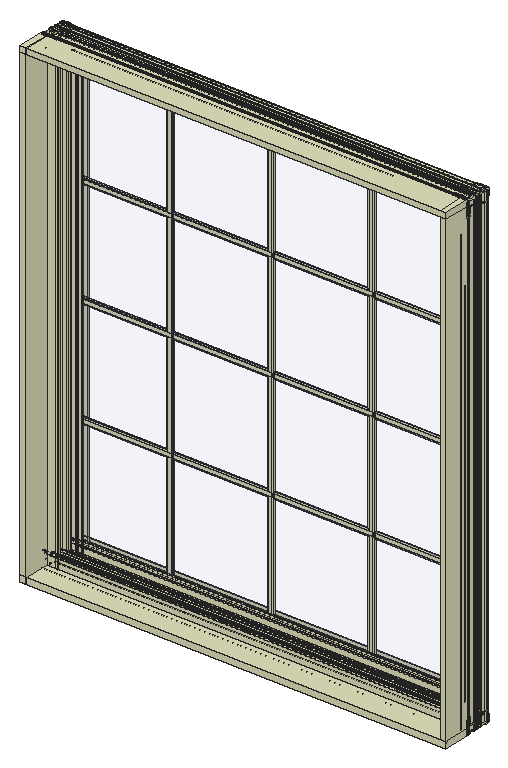
Revit family
Parameters
  Vertical Mullion 5 [instance] = and(Traditional Grille, not(Width > 5' 11 1/2"), and(Width > 5' 11 3/8"))  # no
  Vertical Mullion 4 [instance] = and(Traditional Grille, not(Width > 6' 6 3/8"), and(Width > 6' 6 3/8"))  # no
  Vertical Mullion 3 [instance] = and(Traditional Grille, not(Width > 5' 11 3/8"), and(Width > 1' 11 3/8"))  # yes
  Unit Width = 3' - 11 1/2"
  Unit Height = 4' - 5 1/2"
  URL = "www.pella.com"
  Traditional Grille [instance] = yes
  Size Constraints = "Window Sizing constraints available in 1/4 inch (6.35 mm) increments"  # constant formula
  Set Back = 0' - 1 5/16"
  Series = "Impervia Series"  # constant formula
  Sections = ""
  Sash Width = Width - 0' 2 1/2"  # 3' - 9"
  Rough Width = Width + 0' 0 1/2"  # 4' - 0"
  Rough Height = Height + 0' 0 1/2"  # 4' - 6"
  Revisions Date = "07/29/2009"  # constant formula
  Prairie Grille [instance] = no
  OmniClass 23 = "23-30 00 00,23-30 20 00,23-30 20 14 17,23-30 20 17,23-30 20 17 11"  # constant formula
  MasterFormat 2004 = "08 00 00,08 50 00,08 52 00,08 53 13"  # constant formula
  Manufacturer = "Pella Windows & Doors"  # constant formula
  LEED = ""
  Interior Finish = Pella-Exterior Clad-Tan
  Horizontal Mullion 4 [instance] = and(Traditional Grille, not(Height > 4' 11 1/2"), and(Height > 4' 11 3/8"))  # no
  Horizontal Mullion 3 [instance] = and(Traditional Grille, not(Height > 4' 11 3/8"), and(Height > 3' 11 3/8"))  # yes
  Horizontal Mullion 2 [instance] = and(Traditional Grille, not(Height > 3' 11 3/8"), and(Height > 2' 11 3/8"))  # no
  Horizontal Mullion 1 [instance] = and(Traditional Grille, not(Height > 2' 11 3/8"), and(Height > 1' 5 3/8"))  # no
  Height = if(or(and(Unit Height < 4' 11 1/2", Unit Height > 1' 1 1/2"), or(Unit Height = 4' 11 1/2", Unit Height = 1' 1 1/2")), Unit Height, if(Unit Height < 1' 1 1/2", 1' 1 1/2", 4' 11 1/2"))  # 4' - 5 1/2"
  Head Height = Default Sill Height + Height  # 7' - 1"
  Grille Finish = Pella-Exterior Clad-Tan
  Glazing Type = Pella-Argon Filled, Low-E Insulating Glass
  Glazing = 0' - 0.71394"  # constant formula
  Exterior Finish = Pella-Exterior Clad-Tan
  Description = "Sliding Window - Fixed Unit"  # constant formula
  Default Sill Height = 2' - 7 1/2"
  Wall Closure = (empty or 0)
  Width = if(or(and(Unit Width < 5' 11 1/2", Unit Width > 1' 11 1/2"), or(Unit Width = 5' 11 1/2", Unit Width = 1' 11 1/2")), Unit Width, if(Unit Width < 1' 11 1/2", 1' 11 1/2", 5' 11 1/2"))  # 3' - 11 1/2"
  Assembly Code = "B2020100"
  Architectural Design Manual = "www.pellaadm.com"
  Architectural Data Sheet = "To be determined"
Reference planes (in)
  plane 1: y = 0
  plane 2 "Center (Left/Right)": x = 0
  plane 3 "Left": x = -23.75
  plane 4 "Right": x = 23.75
  plane 5 "Sill": z = 31.5
  plane 6 "Head": z = 85
  plane 7 "Exterior": y = 2.95276
  plane 8 "Interior": y = -2.95276
  plane 9 "Exterior Facade": y = 4.26526
  plane 10 "Set Back": y = 2.95276
  plane 11 "Left Sash": x = -22.5
  plane 12 "Right Sash": x = 22.5
  plane 13 "Interior Left": x = -21.0132
  plane 14 "Interior Right": x = 21.0132
  plane 15 "Head (Interior)": z = 83.75
  plane 16 "Sill (Interior)": z = 32.75
  plane 17 "Head-Interior": z = 82.2632
  plane 18 "Sill-Interior": z = 34.2368
  plane 19: z = 58.25
  plane 20 "Glazing Exterior - Exterior": y = 2.7192
  plane 21 "Glazing Exterior - Interior": y = 2.60109
  plane 22 "Glazing Interior - Exterior": y = 2.00526
  plane 23 "Glazing Interior - Interior": y = 2.12337
  plane 24 "2nd Glazing Head": z = 81.96131
  plane 25 "2nd Glazing Sill": z = 34.53869
  plane 26: x = 20.71131
  plane 27: x = -20.71131
  plane 28: x = 22.28129
  plane 29: x = 22.33637
  plane 30: x = 22.36729
  plane 31: x = 21.63029
  plane 32: x = 21.35029
  plane 33: x = 21.28029
  plane 34: x = -22.28129
  plane 35: x = -22.33637
  plane 36: x = -22.36729
  plane 37: x = -21.63029
  plane 38: x = -21.35029
  plane 39: x = -21.28029
  plane 40: x = -20.71766
  plane 41: x = 20.71766
  plane 42: x = 23.125
  plane 43: y = -0.04722
  plane 44: x = -23.125
  plane 45: y = -0.04722
  plane 46: z = 32.125
  plane 47: y = -0.04722
  plane 48: y = -0.04722
  plane 49: z = 84.375
  plane 50: z = 34.04845
  plane 51: z = 82.45155
  plane 52: x = -21.20155
  plane 53: x = 21.20155
  plane 54: x = -21.20155
  plane 55: x = 21.20155
  plane 56: z = 34.04845
  plane 57: z = 82.45155
  plane 58: z = 82.53029
  plane 59: z = 33.96971
  plane 60: x = -21.28029
  plane 61: x = 21.28029
  plane 62: x = -7.09343
  plane 63: x = 7.09343
  plane 64: x = -11.25
  plane 65: x = 0
  plane 66: x = 11.25
  plane 67: x = -10.875
  plane 68: x = -11.625
  plane 69: x = 11.625
  plane 70: x = 10.875
  plane 71: x = 0.375
  plane 72: x = -0.375
  plane 73: x = -13.5
  plane 74: x = -4.5
  plane 75: x = 4.5
  plane 76: x = 13.5
  plane 77: x = -13.125
  plane 78: x = -13.875
  plane 79: x = -4.125
  plane 80: x = -4.875
  plane 81: x = 4.875
  plane 82: x = 4.125
  plane 83: x = 13.875
  plane 84: x = 13.125
  plane 85: x = -15
  plane 86: x = -7.5
  plane 87: x = 0
  plane 88: x = 7.5
  plane 89: x = 15
  plane 90: x = -14.625
  plane 91: x = -15.375
  plane 92: x = -7.125
  plane 93: x = -7.875
  plane 94: x = 0.375
  plane 95: x = -0.375
  plane 96: x = 7.875
  plane 97: x = 7.125
  plane 98: x = 15.375
  plane 99: x = 14.625
  plane 100: z = 57.875
  plane 101: z = 58.625
  plane 102: z = 50.2456
  plane 103: z = 66.2544
  plane 104: z = 65.8794
  plane 105: z = 66.6294
  plane 106: z = 49.8706
  plane 107: z = 50.6206
  plane 108: z = 46.2434
  plane 109: z = 58.25
  plane 110: z = 70.2566
  plane 111: z = 57.875
  plane 112: z = 58.625
  plane 113: z = 69.8816
  plane 114: z = 70.6316
  plane 115: z = 45.8684
  plane 116: z = 46.6184
  plane 117: z = 43.84208
  plane 118: z = 53.44736
  plane 119: z = 63.05264
  plane 120: z = 72.65792
  plane 121: z = 72.28292
  plane 122: z = 73.03292
  plane 123: z = 62.67764
  plane 124: z = 63.42764
  plane 125: z = 53.07236
  plane 126: z = 53.82236
  plane 127: z = 43.46708
  plane 128: z = 44.21708
  plane 129: x = -17.70571
  plane 130: x = -18.45571
  plane 131: x = 18.45571
  plane 132: x = 17.70571
  plane 133: z = 79.03804
  plane 134: z = 79.78804
  plane 135: z = 37.46196
  plane 136: z = 36.71196
Forms (in)
  Sweep 1, solid, material "Pella-Exterior Clad-Tan" <- "Exterior Finish"
    path origin (0, 2.95276, 0) x (1, 0, 0) y (0, 0, 1)
      loop
        line (-23.75, 31.5) -> (-23.75, 85)
    profile origin (-23.75, 2.95276, 58.25) x (-1, 0, 0) y (0, -1, 0)
      loop
        line (-0.22, 1.91998) -> (-0.22, 2.54998)
        arc (-0.22, 2.54998) -> (-0.18339, 2.63837) -> (-0.095, 2.67498) r 0.125
        arc (-0.095, 2.67498) -> (-0.06318, 2.68816) -> (-0.05, 2.71998) r 0.045
        line (-0.05, 2.71998) -> (-0.05, 2.90498)
        arc (-0.05, 2.90498) -> (-0.06318, 2.9368) -> (-0.095, 2.94998) r 0.045
        line (-0.095, 2.94998) -> (-1.688, 2.94998)
        arc (-1.688, 2.94998) -> (-1.71982, 2.9368) -> (-1.733, 2.90498) r 0.045
        line (-1.733, 2.90498) -> (-1.733, 2.82998)
        arc (-1.733, 2.82998) -> (-1.71982, 2.79816) -> (-1.688, 2.78498) r 0.045
        line (-1.688, 2.78498) -> (-1.52789, 2.78498)
        arc (-1.52789, 2.78498) -> (-1.47948, 2.76554) -> (-1.45796, 2.71802) r 0.07
        arc (-1.45796, 2.71802) -> (-1.44412, 2.68748) -> (-1.413, 2.67498) r 0.045
        line (-1.413, 2.67498) -> (-0.938, 2.67498)
        arc (-0.938, 2.67498) -> (-0.89016, 2.66547) -> (-0.84961, 2.63837) r 0.125
        arc (-0.84961, 2.63837) -> (-0.82252, 2.59782) -> (-0.813, 2.54998) r 0.125
        line (-0.813, 2.54998) -> (-0.813, 1.91998)
        arc (-0.813, 1.91998) -> (-0.79982, 1.88816) -> (-0.768, 1.87498) r 0.045
        line (-0.768, 1.87498) -> (-0.265, 1.87498)
        arc (-0.265, 1.87498) -> (-0.23318, 1.88816) -> (-0.22, 1.91998) r 0.045
      loop
        arc (-0.84961, 1.50359) -> (-0.89016, 1.4765) -> (-0.938, 1.46698) r 0.125
        line (-0.938, 1.46698) -> (-1.688, 1.46698)
        arc (-1.688, 1.46698) -> (-1.71982, 1.4538) -> (-1.733, 1.42198) r 0.045
        line (-1.733, 1.42198) -> (-1.733, 1.23198)
        arc (-1.733, 1.23198) -> (-1.71982, 1.20016) -> (-1.688, 1.18698) r 0.045
        line (-1.688, 1.18698) -> (-1.305, 1.18698)
        arc (-1.305, 1.18698) -> (-1.20318, 1.1448) -> (-1.161, 1.04298) r 0.144
        line (-1.161, 1.04298) -> (-1.161, 0.70298)
        arc (-1.161, 0.70298) -> (-1.19758, 0.62488) -> (-1.281, 0.60298) r 0.10167
        arc (-1.281, 0.60298) -> (-1.29514, 0.59712) -> (-1.301, 0.58298) r 0.02
        line (-1.301, 0.58298) -> (-1.301, 0.24498)
        arc (-1.301, 0.24498) -> (-1.2805, 0.19548) -> (-1.231, 0.17498) r 0.07
        line (-1.231, 0.17498) -> (-0.94153, 0.17498)
        arc (-0.94153, 0.17498) -> (-0.87464, 0.14847) -> (-0.84408, 0.08333) r 0.09764
        arc (-0.84408, 0.08333) -> (-0.828, 0.05928) -> (-0.80061, 0.04998) r 0.045
        line (-0.80061, 0.04998) -> (-0.095, 0.04998)
        arc (-0.095, 0.04998) -> (-0.06318, 0.06316) -> (-0.05, 0.09498) r 0.045
        line (-0.05, 0.09498) -> (-0.05, 0.27998)
        arc (-0.05, 0.27998) -> (-0.06318, 0.3118) -> (-0.095, 0.32498) r 0.045
        arc (-0.095, 0.32498) -> (-0.18339, 0.36159) -> (-0.22, 0.44998) r 0.125
        line (-0.22, 0.44998) -> (-0.22, 1.75998)
        arc (-0.22, 1.75998) -> (-0.23318, 1.7918) -> (-0.265, 1.80498) r 0.045
        line (-0.265, 1.80498) -> (-0.768, 1.80498)
        arc (-0.768, 1.80498) -> (-0.79982, 1.7918) -> (-0.813, 1.75998) r 0.045
        line (-0.813, 1.75998) -> (-0.813, 1.59198)
        arc (-0.813, 1.59198) -> (-0.82252, 1.54414) -> (-0.84961, 1.50359) r 0.125
      loop
        arc (-1.008, 1.54377) -> (-1.018, 1.56109) -> (-1.038, 1.56109) r 0.02
        line (-1.038, 1.56109) -> (-1.09816, 1.52636)
        arc (-1.09816, 1.52636) -> (-1.11505, 1.51937) -> (-1.13316, 1.51698) r 0.07
        line (-1.13316, 1.51698) -> (-1.688, 1.51698)
        arc (-1.688, 1.51698) -> (-1.75518, 1.48916) -> (-1.783, 1.42198) r 0.095
        line (-1.783, 1.42198) -> (-1.783, 1.13596)
        arc (-1.783, 1.13596) -> (-1.75497, 1.10845) -> (-1.72798, 1.13698) r 0.02752
        line (-1.72798, 1.13698) -> (-1.305, 1.13698)
        arc (-1.305, 1.13698) -> (-1.23853, 1.10945) -> (-1.211, 1.04298) r 0.094
        line (-1.211, 1.04298) -> (-1.211, 0.70298)
        arc (-1.211, 0.70298) -> (-1.23313, 0.65997) -> (-1.281, 0.65298) r 0.05286
        arc (-1.281, 0.65298) -> (-1.3305, 0.63248) -> (-1.351, 0.58298) r 0.07
        line (-1.351, 0.58298) -> (-1.351, 0.24498)
        arc (-1.351, 0.24498) -> (-1.31585, 0.16013) -> (-1.231, 0.12498) r 0.12
        line (-1.231, 0.12498) -> (-0.96185, 0.12498)
        arc (-0.96185, 0.12498) -> (-0.90983, 0.10349) -> (-0.88741, 0.05186) r 0.07499
        arc (-0.88741, 0.05186) -> (-0.86241, 0.01445) -> (-0.81979, -0.00002) r 0.07
        line (-0.81979, -0.00002) -> (-0.095, -0.00002)
        arc (-0.095, -0.00002) -> (-0.02782, 0.02781) -> (0, 0.09498) r 0.095
        line (0, 0.09498) -> (0, 0.27998)
        arc (0, 0.27998) -> (-0.02782, 0.34716) -> (-0.095, 0.37498) r 0.095
        arc (-0.095, 0.37498) -> (-0.13389, 0.39109) -> (-0.15, 0.42998) r 0.055
        line (-0.15, 0.42998) -> (-0.15, 0.8212)
        arc (-0.15, 0.8212) -> (-0.14048, 0.86904) -> (-0.11339, 0.90959) r 0.125
        line (-0.11339, 0.90959) -> (-0.03318, 0.9898)
        arc (-0.03318, 0.9898) -> (-0.02343, 1.0044) -> (-0.02, 1.02162) r 0.045
        line (-0.02, 1.02162) -> (-0.02, 1.08198)
        arc (-0.02, 1.08198) -> (-0.02892, 1.10247) -> (-0.05, 1.10991) r 0.028
        arc (-0.05, 1.10991) -> (-0.07108, 1.10247) -> (-0.08, 1.08198) r 0.028
        line (-0.08, 1.08198) -> (-0.08, 1.03498) -> (-0.13, 1.03498)
        arc (-0.13, 1.03498) -> (-0.14414, 1.04084) -> (-0.15, 1.05498) r 0.02
        line (-0.15, 1.05498) -> (-0.15, 1.51498)
        arc (-0.15, 1.51498) -> (-0.14414, 1.52912) -> (-0.13, 1.53498) r 0.02
        line (-0.13, 1.53498) -> (-0.08, 1.53498) -> (-0.08, 1.48798)
        arc (-0.08, 1.48798) -> (-0.07108, 1.46749) -> (-0.05, 1.46005) r 0.028
        arc (-0.05, 1.46005) -> (-0.02892, 1.46749) -> (-0.02, 1.48798) r 0.028
        line (-0.02, 1.48798) -> (-0.02, 1.54834)
        arc (-0.02, 1.54834) -> (-0.02343, 1.56556) -> (-0.03318, 1.58016) r 0.045
        line (-0.03318, 1.58016) -> (-0.1235, 1.67048)
        arc (-0.1235, 1.67048) -> (-0.13862, 1.68879) -> (-0.15, 1.70962) r 0.125
        arc (-0.15, 1.70962) -> (-0.13818, 1.74002) -> (-0.10892, 1.75445) r 0.045
        line (-0.10892, 1.75445) -> (-0.04108, 1.76039)
        arc (-0.04108, 1.76039) -> (-0.01182, 1.77481) -> (0, 1.80522) r 0.045
        line (0, 1.80522) -> (0, 1.87275)
        arc (0, 1.87275) -> (-0.01182, 1.90315) -> (-0.04108, 1.91757) r 0.045
        line (-0.04108, 1.91757) -> (-0.10892, 1.92351)
        arc (-0.10892, 1.92351) -> (-0.13818, 1.93794) -> (-0.15, 1.96834) r 0.045
        line (-0.15, 1.96834) -> (-0.15, 2.56998)
        arc (-0.15, 2.56998) -> (-0.13389, 2.60887) -> (-0.095, 2.62498) r 0.055
        arc (-0.095, 2.62498) -> (-0.02782, 2.65281) -> (0, 2.71998) r 0.095
        line (0, 2.71998) -> (0, 2.90498)
        arc (0, 2.90498) -> (-0.02782, 2.97216) -> (-0.095, 2.99998) r 0.095
        line (-0.095, 2.99998) -> (-1.688, 2.99998)
        arc (-1.688, 2.99998) -> (-1.75518, 2.97216) -> (-1.783, 2.90498) r 0.095
        line (-1.783, 2.90498) -> (-1.783, 2.69498)
        arc (-1.783, 2.69498) -> (-1.75702, 2.63992) -> (-1.698, 2.62498) r 0.07132
        arc (-1.698, 2.62498) -> (-1.67592, 2.63467) -> (-1.6681, 2.65748) r 0.03
        arc (-1.6681, 2.65748) -> (-1.67592, 2.68029) -> (-1.698, 2.68998) r 0.03
        arc (-1.698, 2.68998) -> (-1.7205, 2.71248) -> (-1.698, 2.73498) r 0.0225
        line (-1.698, 2.73498) -> (-1.528, 2.73498)
        arc (-1.528, 2.73498) -> (-1.5055, 2.71248) -> (-1.528, 2.68998) r 0.0225
        arc (-1.528, 2.68998) -> (-1.55008, 2.68029) -> (-1.5579, 2.65748) r 0.03
        arc (-1.5579, 2.65748) -> (-1.55008, 2.63467) -> (-1.528, 2.62498) r 0.03
        line (-1.528, 2.62498) -> (-1.13316, 2.62498)
        arc (-1.13316, 2.62498) -> (-1.11505, 2.6226) -> (-1.09816, 2.6156) r 0.07
        line (-1.09816, 2.6156) -> (-1.038, 2.58087)
        arc (-1.038, 2.58087) -> (-1.018, 2.58087) -> (-1.008, 2.59819) r 0.02
        arc (-1.008, 2.59819) -> (-1.0045, 2.61644) -> (-0.988, 2.62498) r 0.02128
        line (-0.988, 2.62498) -> (-0.95454, 2.62498)
        arc (-0.95454, 2.62498) -> (-0.90349, 2.59864) -> (-0.883, 2.54498) r 0.0805
        line (-0.883, 2.54498) -> (-0.883, 1.59698)
        arc (-0.883, 1.59698) -> (-0.90349, 1.54332) -> (-0.95454, 1.51698) r 0.0805
        line (-0.95454, 1.51698) -> (-0.988, 1.51698)
        arc (-0.988, 1.51698) -> (-1.0045, 1.52552) -> (-1.008, 1.54377) r 0.02128
  Sweep 2, solid, material "Pella-Exterior Clad-Tan" <- "Exterior Finish"
    path origin (0, 2.95276, 0) x (1, 0, 0) y (0, 0, 1)
      loop
        line (23.75, 31.5) -> (23.75, 85)
    profile origin (23.75, 2.95276, 58.25) x (-1, 0, 0) y (0, -1, 0)
      loop
        arc (0.22, 1.91998) -> (0.23318, 1.88816) -> (0.265, 1.87498) r 0.045
        line (0.265, 1.87498) -> (0.768, 1.87498)
        arc (0.768, 1.87498) -> (0.79982, 1.88816) -> (0.813, 1.91998) r 0.045
        line (0.813, 1.91998) -> (0.813, 2.54998)
        arc (0.813, 2.54998) -> (0.82252, 2.59782) -> (0.84961, 2.63837) r 0.125
        arc (0.84961, 2.63837) -> (0.89016, 2.66547) -> (0.938, 2.67498) r 0.125
        line (0.938, 2.67498) -> (1.413, 2.67498)
        arc (1.413, 2.67498) -> (1.44412, 2.68748) -> (1.45796, 2.71802) r 0.045
        arc (1.45796, 2.71802) -> (1.47948, 2.76554) -> (1.52789, 2.78498) r 0.07
        line (1.52789, 2.78498) -> (1.688, 2.78498)
        arc (1.688, 2.78498) -> (1.71982, 2.79816) -> (1.733, 2.82998) r 0.045
        line (1.733, 2.82998) -> (1.733, 2.90498)
        arc (1.733, 2.90498) -> (1.71982, 2.9368) -> (1.688, 2.94998) r 0.045
        line (1.688, 2.94998) -> (0.095, 2.94998)
        arc (0.095, 2.94998) -> (0.06318, 2.9368) -> (0.05, 2.90498) r 0.045
        line (0.05, 2.90498) -> (0.05, 2.71998)
        arc (0.05, 2.71998) -> (0.06318, 2.68816) -> (0.095, 2.67498) r 0.045
        arc (0.095, 2.67498) -> (0.18339, 2.63837) -> (0.22, 2.54998) r 0.125
        line (0.22, 2.54998) -> (0.22, 1.91998)
      loop
        arc (0.84961, 1.50359) -> (0.82252, 1.54414) -> (0.813, 1.59198) r 0.125
        line (0.813, 1.59198) -> (0.813, 1.75998)
        arc (0.813, 1.75998) -> (0.79982, 1.7918) -> (0.768, 1.80498) r 0.045
        line (0.768, 1.80498) -> (0.265, 1.80498)
        arc (0.265, 1.80498) -> (0.23318, 1.7918) -> (0.22, 1.75998) r 0.045
        line (0.22, 1.75998) -> (0.22, 0.44998)
        arc (0.22, 0.44998) -> (0.18339, 0.36159) -> (0.095, 0.32498) r 0.125
        arc (0.095, 0.32498) -> (0.06318, 0.3118) -> (0.05, 0.27998) r 0.045
        line (0.05, 0.27998) -> (0.05, 0.09498)
        arc (0.05, 0.09498) -> (0.06318, 0.06316) -> (0.095, 0.04998) r 0.045
        line (0.095, 0.04998) -> (0.80061, 0.04998)
        arc (0.80061, 0.04998) -> (0.828, 0.05928) -> (0.84408, 0.08333) r 0.045
        arc (0.84408, 0.08333) -> (0.87464, 0.14847) -> (0.94153, 0.17498) r 0.09764
        line (0.94153, 0.17498) -> (1.231, 0.17498)
        arc (1.231, 0.17498) -> (1.2805, 0.19548) -> (1.301, 0.24498) r 0.07
        line (1.301, 0.24498) -> (1.301, 0.58298)
        arc (1.301, 0.58298) -> (1.29514, 0.59712) -> (1.281, 0.60298) r 0.02
        arc (1.281, 0.60298) -> (1.19758, 0.62488) -> (1.161, 0.70298) r 0.10167
        line (1.161, 0.70298) -> (1.161, 1.04298)
        arc (1.161, 1.04298) -> (1.20318, 1.1448) -> (1.305, 1.18698) r 0.144
        line (1.305, 1.18698) -> (1.688, 1.18698)
        arc (1.688, 1.18698) -> (1.71982, 1.20016) -> (1.733, 1.23198) r 0.045
        line (1.733, 1.23198) -> (1.733, 1.42198)
        arc (1.733, 1.42198) -> (1.71982, 1.4538) -> (1.688, 1.46698) r 0.045
        line (1.688, 1.46698) -> (0.938, 1.46698)
        arc (0.938, 1.46698) -> (0.89016, 1.4765) -> (0.84961, 1.50359) r 0.125
      loop
        arc (1.008, 1.54377) -> (1.0045, 1.52552) -> (0.988, 1.51698) r 0.02128
        line (0.988, 1.51698) -> (0.95454, 1.51698)
        arc (0.95454, 1.51698) -> (0.90349, 1.54332) -> (0.883, 1.59698) r 0.0805
        line (0.883, 1.59698) -> (0.883, 2.54498)
        arc (0.883, 2.54498) -> (0.90349, 2.59864) -> (0.95454, 2.62498) r 0.0805
        line (0.95454, 2.62498) -> (0.988, 2.62498)
        arc (0.988, 2.62498) -> (1.0045, 2.61644) -> (1.008, 2.59819) r 0.02128
        arc (1.008, 2.59819) -> (1.018, 2.58087) -> (1.038, 2.58087) r 0.02
        line (1.038, 2.58087) -> (1.09816, 2.6156)
        arc (1.09816, 2.6156) -> (1.11505, 2.6226) -> (1.13316, 2.62498) r 0.07
        line (1.13316, 2.62498) -> (1.528, 2.62498)
        arc (1.528, 2.62498) -> (1.55008, 2.63467) -> (1.5579, 2.65748) r 0.03
        arc (1.5579, 2.65748) -> (1.55008, 2.68029) -> (1.528, 2.68998) r 0.03
        arc (1.528, 2.68998) -> (1.5055, 2.71248) -> (1.528, 2.73498) r 0.0225
        line (1.528, 2.73498) -> (1.698, 2.73498)
        arc (1.698, 2.73498) -> (1.7205, 2.71248) -> (1.698, 2.68998) r 0.0225
        arc (1.698, 2.68998) -> (1.67592, 2.68029) -> (1.6681, 2.65748) r 0.03
        arc (1.6681, 2.65748) -> (1.67592, 2.63467) -> (1.698, 2.62498) r 0.03
        arc (1.698, 2.62498) -> (1.75702, 2.63992) -> (1.783, 2.69498) r 0.07132
        line (1.783, 2.69498) -> (1.783, 2.90498)
        arc (1.783, 2.90498) -> (1.75518, 2.97216) -> (1.688, 2.99998) r 0.095
        line (1.688, 2.99998) -> (0.095, 2.99998)
        arc (0.095, 2.99998) -> (0.02782, 2.97216) -> (0, 2.90498) r 0.095
        line (0, 2.90498) -> (0, 2.71998)
        arc (0, 2.71998) -> (0.02782, 2.65281) -> (0.095, 2.62498) r 0.095
        arc (0.095, 2.62498) -> (0.13389, 2.60887) -> (0.15, 2.56998) r 0.055
        line (0.15, 2.56998) -> (0.15, 1.96834)
        arc (0.15, 1.96834) -> (0.13818, 1.93794) -> (0.10892, 1.92351) r 0.045
        line (0.10892, 1.92351) -> (0.04108, 1.91757)
        arc (0.04108, 1.91757) -> (0.01182, 1.90315) -> (0, 1.87275) r 0.045
        line (0, 1.87275) -> (0, 1.80522)
        arc (0, 1.80522) -> (0.01182, 1.77481) -> (0.04108, 1.76039) r 0.045
        line (0.04108, 1.76039) -> (0.10892, 1.75445)
        arc (0.10892, 1.75445) -> (0.13818, 1.74002) -> (0.15, 1.70962) r 0.045
        arc (0.15, 1.70962) -> (0.13862, 1.68879) -> (0.1235, 1.67048) r 0.125
        line (0.1235, 1.67048) -> (0.03318, 1.58016)
        arc (0.03318, 1.58016) -> (0.02343, 1.56556) -> (0.02, 1.54834) r 0.045
        line (0.02, 1.54834) -> (0.02, 1.48798)
        arc (0.02, 1.48798) -> (0.02892, 1.46749) -> (0.05, 1.46005) r 0.028
        arc (0.05, 1.46005) -> (0.07108, 1.46749) -> (0.08, 1.48798) r 0.028
        line (0.08, 1.48798) -> (0.08, 1.53498) -> (0.13, 1.53498)
        arc (0.13, 1.53498) -> (0.14414, 1.52912) -> (0.15, 1.51498) r 0.02
        line (0.15, 1.51498) -> (0.15, 1.05498)
        arc (0.15, 1.05498) -> (0.14414, 1.04084) -> (0.13, 1.03498) r 0.02
        line (0.13, 1.03498) -> (0.08, 1.03498) -> (0.08, 1.08198)
        arc (0.08, 1.08198) -> (0.07108, 1.10247) -> (0.05, 1.10991) r 0.028
        arc (0.05, 1.10991) -> (0.02892, 1.10247) -> (0.02, 1.08198) r 0.028
        line (0.02, 1.08198) -> (0.02, 1.02162)
        arc (0.02, 1.02162) -> (0.02343, 1.0044) -> (0.03318, 0.9898) r 0.045
        line (0.03318, 0.9898) -> (0.11339, 0.90959)
        arc (0.11339, 0.90959) -> (0.14048, 0.86904) -> (0.15, 0.8212) r 0.125
        line (0.15, 0.8212) -> (0.15, 0.42998)
        arc (0.15, 0.42998) -> (0.13389, 0.39109) -> (0.095, 0.37498) r 0.055
        arc (0.095, 0.37498) -> (0.02782, 0.34716) -> (0, 0.27998) r 0.095
        line (0, 0.27998) -> (0, 0.09498)
        arc (0, 0.09498) -> (0.02782, 0.02781) -> (0.095, -0.00002) r 0.095
        line (0.095, -0.00002) -> (0.81979, -0.00002)
        arc (0.81979, -0.00002) -> (0.86241, 0.01445) -> (0.88741, 0.05186) r 0.07
        arc (0.88741, 0.05186) -> (0.90983, 0.10349) -> (0.96185, 0.12498) r 0.07499
        line (0.96185, 0.12498) -> (1.231, 0.12498)
        arc (1.231, 0.12498) -> (1.31585, 0.16013) -> (1.351, 0.24498) r 0.12
        line (1.351, 0.24498) -> (1.351, 0.58298)
        arc (1.351, 0.58298) -> (1.3305, 0.63248) -> (1.281, 0.65298) r 0.07
        arc (1.281, 0.65298) -> (1.23313, 0.65997) -> (1.211, 0.70298) r 0.05286
        line (1.211, 0.70298) -> (1.211, 1.04298)
        arc (1.211, 1.04298) -> (1.23853, 1.10945) -> (1.305, 1.13698) r 0.094
        line (1.305, 1.13698) -> (1.72798, 1.13698)
        arc (1.72798, 1.13698) -> (1.75497, 1.10845) -> (1.783, 1.13596) r 0.02752
        line (1.783, 1.13596) -> (1.783, 1.42198)
        arc (1.783, 1.42198) -> (1.75518, 1.48916) -> (1.688, 1.51698) r 0.095
        line (1.688, 1.51698) -> (1.13316, 1.51698)
        arc (1.13316, 1.51698) -> (1.11505, 1.51937) -> (1.09816, 1.52636) r 0.07
        line (1.09816, 1.52636) -> (1.038, 1.56109)
        arc (1.038, 1.56109) -> (1.018, 1.56109) -> (1.008, 1.54377) r 0.02
  Sweep 3, solid, material "Pella-Exterior Clad-Tan" <- "Exterior Finish"
    path origin (0, 2.95276, 0) x (1, 0, 0) y (0, 0, 1)
      loop
        line (23.75, 85) -> (-23.75, 85)
    profile origin (0, 2.95276, 85) x (0, 0, -1) y (0, -1, 0)
      loop
        arc (0.22, 1.91998) -> (0.23318, 1.88816) -> (0.265, 1.87498) r 0.045
        line (0.265, 1.87498) -> (0.768, 1.87498)
        arc (0.768, 1.87498) -> (0.79982, 1.88816) -> (0.813, 1.91998) r 0.045
        line (0.813, 1.91998) -> (0.813, 2.54998)
        arc (0.813, 2.54998) -> (0.82252, 2.59782) -> (0.84961, 2.63837) r 0.125
        arc (0.84961, 2.63837) -> (0.89016, 2.66547) -> (0.938, 2.67498) r 0.125
        line (0.938, 2.67498) -> (1.413, 2.67498)
        arc (1.413, 2.67498) -> (1.44412, 2.68748) -> (1.45796, 2.71802) r 0.045
        arc (1.45796, 2.71802) -> (1.47948, 2.76554) -> (1.52789, 2.78498) r 0.07
        line (1.52789, 2.78498) -> (1.688, 2.78498)
        arc (1.688, 2.78498) -> (1.71982, 2.79816) -> (1.733, 2.82998) r 0.045
        line (1.733, 2.82998) -> (1.733, 2.90498)
        arc (1.733, 2.90498) -> (1.71982, 2.9368) -> (1.688, 2.94998) r 0.045
        line (1.688, 2.94998) -> (0.095, 2.94998)
        arc (0.095, 2.94998) -> (0.06318, 2.9368) -> (0.05, 2.90498) r 0.045
        line (0.05, 2.90498) -> (0.05, 2.71998)
        arc (0.05, 2.71998) -> (0.06318, 2.68816) -> (0.095, 2.67498) r 0.045
        arc (0.095, 2.67498) -> (0.18339, 2.63837) -> (0.22, 2.54998) r 0.125
        line (0.22, 2.54998) -> (0.22, 1.91998)
      loop
        arc (0.84961, 1.50359) -> (0.82252, 1.54414) -> (0.813, 1.59198) r 0.125
        line (0.813, 1.59198) -> (0.813, 1.75998)
        arc (0.813, 1.75998) -> (0.79982, 1.7918) -> (0.768, 1.80498) r 0.045
        line (0.768, 1.80498) -> (0.265, 1.80498)
        arc (0.265, 1.80498) -> (0.23318, 1.7918) -> (0.22, 1.75998) r 0.045
        line (0.22, 1.75998) -> (0.22, 0.44998)
        arc (0.22, 0.44998) -> (0.18339, 0.36159) -> (0.095, 0.32498) r 0.125
        arc (0.095, 0.32498) -> (0.06318, 0.3118) -> (0.05, 0.27998) r 0.045
        line (0.05, 0.27998) -> (0.05, 0.09498)
        arc (0.05, 0.09498) -> (0.06318, 0.06316) -> (0.095, 0.04998) r 0.045
        line (0.095, 0.04998) -> (0.80061, 0.04998)
        arc (0.80061, 0.04998) -> (0.828, 0.05928) -> (0.84408, 0.08333) r 0.045
        arc (0.84408, 0.08333) -> (0.87464, 0.14847) -> (0.94153, 0.17498) r 0.09764
        line (0.94153, 0.17498) -> (1.231, 0.17498)
        arc (1.231, 0.17498) -> (1.2805, 0.19548) -> (1.301, 0.24498) r 0.07
        line (1.301, 0.24498) -> (1.301, 0.58298)
        arc (1.301, 0.58298) -> (1.29514, 0.59712) -> (1.281, 0.60298) r 0.02
        arc (1.281, 0.60298) -> (1.19758, 0.62488) -> (1.161, 0.70298) r 0.10167
        line (1.161, 0.70298) -> (1.161, 1.04298)
        arc (1.161, 1.04298) -> (1.20318, 1.1448) -> (1.305, 1.18698) r 0.144
        line (1.305, 1.18698) -> (1.688, 1.18698)
        arc (1.688, 1.18698) -> (1.71982, 1.20016) -> (1.733, 1.23198) r 0.045
        line (1.733, 1.23198) -> (1.733, 1.42198)
        arc (1.733, 1.42198) -> (1.71982, 1.4538) -> (1.688, 1.46698) r 0.045
        line (1.688, 1.46698) -> (0.938, 1.46698)
        arc (0.938, 1.46698) -> (0.89016, 1.4765) -> (0.84961, 1.50359) r 0.125
      loop
        arc (1.008, 1.54377) -> (1.0045, 1.52552) -> (0.988, 1.51698) r 0.02128
        line (0.988, 1.51698) -> (0.95454, 1.51698)
        arc (0.95454, 1.51698) -> (0.90349, 1.54332) -> (0.883, 1.59698) r 0.0805
        line (0.883, 1.59698) -> (0.883, 2.54498)
        arc (0.883, 2.54498) -> (0.90349, 2.59864) -> (0.95454, 2.62498) r 0.0805
        line (0.95454, 2.62498) -> (0.988, 2.62498)
        arc (0.988, 2.62498) -> (1.0045, 2.61644) -> (1.008, 2.59819) r 0.02128
        arc (1.008, 2.59819) -> (1.018, 2.58087) -> (1.038, 2.58087) r 0.02
        line (1.038, 2.58087) -> (1.09816, 2.6156)
        arc (1.09816, 2.6156) -> (1.11505, 2.6226) -> (1.13316, 2.62498) r 0.07
        line (1.13316, 2.62498) -> (1.528, 2.62498)
        arc (1.528, 2.62498) -> (1.55008, 2.63467) -> (1.5579, 2.65748) r 0.03
        arc (1.5579, 2.65748) -> (1.55008, 2.68029) -> (1.528, 2.68998) r 0.03
        arc (1.528, 2.68998) -> (1.5055, 2.71248) -> (1.528, 2.73498) r 0.0225
        line (1.528, 2.73498) -> (1.698, 2.73498)
        arc (1.698, 2.73498) -> (1.7205, 2.71248) -> (1.698, 2.68998) r 0.0225
        arc (1.698, 2.68998) -> (1.67592, 2.68029) -> (1.6681, 2.65748) r 0.03
        arc (1.6681, 2.65748) -> (1.67592, 2.63467) -> (1.698, 2.62498) r 0.03
        arc (1.698, 2.62498) -> (1.75702, 2.63992) -> (1.783, 2.69498) r 0.07132
        line (1.783, 2.69498) -> (1.783, 2.90498)
        arc (1.783, 2.90498) -> (1.75518, 2.97216) -> (1.688, 2.99998) r 0.095
        line (1.688, 2.99998) -> (0.095, 2.99998)
        arc (0.095, 2.99998) -> (0.02782, 2.97216) -> (0, 2.90498) r 0.095
        line (0, 2.90498) -> (0, 2.71998)
        arc (0, 2.71998) -> (0.02782, 2.65281) -> (0.095, 2.62498) r 0.095
        arc (0.095, 2.62498) -> (0.13389, 2.60887) -> (0.15, 2.56998) r 0.055
        line (0.15, 2.56998) -> (0.15, 1.96834)
        arc (0.15, 1.96834) -> (0.13818, 1.93794) -> (0.10892, 1.92351) r 0.045
        line (0.10892, 1.92351) -> (0.04108, 1.91757)
        arc (0.04108, 1.91757) -> (0.01182, 1.90315) -> (0, 1.87275) r 0.045
        line (0, 1.87275) -> (0, 1.80522)
        arc (0, 1.80522) -> (0.01182, 1.77481) -> (0.04108, 1.76039) r 0.045
        line (0.04108, 1.76039) -> (0.10892, 1.75445)
        arc (0.10892, 1.75445) -> (0.13818, 1.74002) -> (0.15, 1.70962) r 0.045
        arc (0.15, 1.70962) -> (0.13862, 1.68879) -> (0.1235, 1.67048) r 0.125
        line (0.1235, 1.67048) -> (0.03318, 1.58016)
        arc (0.03318, 1.58016) -> (0.02343, 1.56556) -> (0.02, 1.54834) r 0.045
        line (0.02, 1.54834) -> (0.02, 1.48798)
        arc (0.02, 1.48798) -> (0.02892, 1.46749) -> (0.05, 1.46005) r 0.028
        arc (0.05, 1.46005) -> (0.07108, 1.46749) -> (0.08, 1.48798) r 0.028
        line (0.08, 1.48798) -> (0.08, 1.53498) -> (0.13, 1.53498)
        arc (0.13, 1.53498) -> (0.14414, 1.52912) -> (0.15, 1.51498) r 0.02
        line (0.15, 1.51498) -> (0.15, 1.05498)
        arc (0.15, 1.05498) -> (0.14414, 1.04084) -> (0.13, 1.03498) r 0.02
        line (0.13, 1.03498) -> (0.08, 1.03498) -> (0.08, 1.08198)
        arc (0.08, 1.08198) -> (0.07108, 1.10247) -> (0.05, 1.10991) r 0.028
        arc (0.05, 1.10991) -> (0.02892, 1.10247) -> (0.02, 1.08198) r 0.028
        line (0.02, 1.08198) -> (0.02, 1.02162)
        arc (0.02, 1.02162) -> (0.02343, 1.0044) -> (0.03318, 0.9898) r 0.045
        line (0.03318, 0.9898) -> (0.11339, 0.90959)
        arc (0.11339, 0.90959) -> (0.14048, 0.86904) -> (0.15, 0.8212) r 0.125
        line (0.15, 0.8212) -> (0.15, 0.42998)
        arc (0.15, 0.42998) -> (0.13389, 0.39109) -> (0.095, 0.37498) r 0.055
        arc (0.095, 0.37498) -> (0.02782, 0.34716) -> (0, 0.27998) r 0.095
        line (0, 0.27998) -> (0, 0.09498)
        arc (0, 0.09498) -> (0.02782, 0.02781) -> (0.095, -0.00002) r 0.095
        line (0.095, -0.00002) -> (0.81979, -0.00002)
        arc (0.81979, -0.00002) -> (0.86241, 0.01445) -> (0.88741, 0.05186) r 0.07
        arc (0.88741, 0.05186) -> (0.90983, 0.10349) -> (0.96185, 0.12498) r 0.07499
        line (0.96185, 0.12498) -> (1.231, 0.12498)
        arc (1.231, 0.12498) -> (1.31585, 0.16013) -> (1.351, 0.24498) r 0.12
        line (1.351, 0.24498) -> (1.351, 0.58298)
        arc (1.351, 0.58298) -> (1.3305, 0.63248) -> (1.281, 0.65298) r 0.07
        arc (1.281, 0.65298) -> (1.23313, 0.65997) -> (1.211, 0.70298) r 0.05286
        line (1.211, 0.70298) -> (1.211, 1.04298)
        arc (1.211, 1.04298) -> (1.23853, 1.10945) -> (1.305, 1.13698) r 0.094
        line (1.305, 1.13698) -> (1.72798, 1.13698)
        arc (1.72798, 1.13698) -> (1.75497, 1.10845) -> (1.783, 1.13596) r 0.02752
        line (1.783, 1.13596) -> (1.783, 1.42198)
        arc (1.783, 1.42198) -> (1.75518, 1.48916) -> (1.688, 1.51698) r 0.095
        line (1.688, 1.51698) -> (1.13316, 1.51698)
        arc (1.13316, 1.51698) -> (1.11505, 1.51937) -> (1.09816, 1.52636) r 0.07
        line (1.09816, 1.52636) -> (1.038, 1.56109)
        arc (1.038, 1.56109) -> (1.018, 1.56109) -> (1.008, 1.54377) r 0.02
  Sweep 4, solid, material "Pella-Exterior Clad-Tan" <- "Exterior Finish"
    path origin (0, 2.95276, 0) x (1, 0, 0) y (0, 0, 1)
      loop
        line (23.75, 31.5) -> (-23.75, 31.5)
    profile origin (0, 2.95276, 31.5) x (0, 0, -1) y (0, -1, 0)
      loop
        line (-0.22, 1.91998) -> (-0.22, 2.54998)
        arc (-0.22, 2.54998) -> (-0.18339, 2.63837) -> (-0.095, 2.67498) r 0.125
        arc (-0.095, 2.67498) -> (-0.06318, 2.68816) -> (-0.05, 2.71998) r 0.045
        line (-0.05, 2.71998) -> (-0.05, 2.90498)
        arc (-0.05, 2.90498) -> (-0.06318, 2.9368) -> (-0.095, 2.94998) r 0.045
        line (-0.095, 2.94998) -> (-1.688, 2.94998)
        arc (-1.688, 2.94998) -> (-1.71982, 2.9368) -> (-1.733, 2.90498) r 0.045
        line (-1.733, 2.90498) -> (-1.733, 2.82998)
        arc (-1.733, 2.82998) -> (-1.71982, 2.79816) -> (-1.688, 2.78498) r 0.045
        line (-1.688, 2.78498) -> (-1.52789, 2.78498)
        arc (-1.52789, 2.78498) -> (-1.47948, 2.76554) -> (-1.45796, 2.71802) r 0.07
        arc (-1.45796, 2.71802) -> (-1.44412, 2.68748) -> (-1.413, 2.67498) r 0.045
        line (-1.413, 2.67498) -> (-0.938, 2.67498)
        arc (-0.938, 2.67498) -> (-0.89016, 2.66547) -> (-0.84961, 2.63837) r 0.125
        arc (-0.84961, 2.63837) -> (-0.82252, 2.59782) -> (-0.813, 2.54998) r 0.125
        line (-0.813, 2.54998) -> (-0.813, 1.91998)
        arc (-0.813, 1.91998) -> (-0.79982, 1.88816) -> (-0.768, 1.87498) r 0.045
        line (-0.768, 1.87498) -> (-0.265, 1.87498)
        arc (-0.265, 1.87498) -> (-0.23318, 1.88816) -> (-0.22, 1.91998) r 0.045
      loop
        arc (-0.84961, 1.50359) -> (-0.89016, 1.4765) -> (-0.938, 1.46698) r 0.125
        line (-0.938, 1.46698) -> (-1.688, 1.46698)
        arc (-1.688, 1.46698) -> (-1.71982, 1.4538) -> (-1.733, 1.42198) r 0.045
        line (-1.733, 1.42198) -> (-1.733, 1.23198)
        arc (-1.733, 1.23198) -> (-1.71982, 1.20016) -> (-1.688, 1.18698) r 0.045
        line (-1.688, 1.18698) -> (-1.305, 1.18698)
        arc (-1.305, 1.18698) -> (-1.20318, 1.1448) -> (-1.161, 1.04298) r 0.144
        line (-1.161, 1.04298) -> (-1.161, 0.70298)
        arc (-1.161, 0.70298) -> (-1.19758, 0.62488) -> (-1.281, 0.60298) r 0.10167
        arc (-1.281, 0.60298) -> (-1.29514, 0.59712) -> (-1.301, 0.58298) r 0.02
        line (-1.301, 0.58298) -> (-1.301, 0.24498)
        arc (-1.301, 0.24498) -> (-1.2805, 0.19548) -> (-1.231, 0.17498) r 0.07
        line (-1.231, 0.17498) -> (-0.94153, 0.17498)
        arc (-0.94153, 0.17498) -> (-0.87464, 0.14847) -> (-0.84408, 0.08333) r 0.09764
        arc (-0.84408, 0.08333) -> (-0.828, 0.05928) -> (-0.80061, 0.04998) r 0.045
        line (-0.80061, 0.04998) -> (-0.095, 0.04998)
        arc (-0.095, 0.04998) -> (-0.06318, 0.06316) -> (-0.05, 0.09498) r 0.045
        line (-0.05, 0.09498) -> (-0.05, 0.27998)
        arc (-0.05, 0.27998) -> (-0.06318, 0.3118) -> (-0.095, 0.32498) r 0.045
        arc (-0.095, 0.32498) -> (-0.18339, 0.36159) -> (-0.22, 0.44998) r 0.125
        line (-0.22, 0.44998) -> (-0.22, 1.75998)
        arc (-0.22, 1.75998) -> (-0.23318, 1.7918) -> (-0.265, 1.80498) r 0.045
        line (-0.265, 1.80498) -> (-0.768, 1.80498)
        arc (-0.768, 1.80498) -> (-0.79982, 1.7918) -> (-0.813, 1.75998) r 0.045
        line (-0.813, 1.75998) -> (-0.813, 1.59198)
        arc (-0.813, 1.59198) -> (-0.82252, 1.54414) -> (-0.84961, 1.50359) r 0.125
      loop
        arc (-1.008, 1.54377) -> (-1.018, 1.56109) -> (-1.038, 1.56109) r 0.02
        line (-1.038, 1.56109) -> (-1.09816, 1.52636)
        arc (-1.09816, 1.52636) -> (-1.11505, 1.51937) -> (-1.13316, 1.51698) r 0.07
        line (-1.13316, 1.51698) -> (-1.688, 1.51698)
        arc (-1.688, 1.51698) -> (-1.75518, 1.48916) -> (-1.783, 1.42198) r 0.095
        line (-1.783, 1.42198) -> (-1.783, 1.13596)
        arc (-1.783, 1.13596) -> (-1.75497, 1.10845) -> (-1.72798, 1.13698) r 0.02752
        line (-1.72798, 1.13698) -> (-1.305, 1.13698)
        arc (-1.305, 1.13698) -> (-1.23853, 1.10945) -> (-1.211, 1.04298) r 0.094
        line (-1.211, 1.04298) -> (-1.211, 0.70298)
        arc (-1.211, 0.70298) -> (-1.23313, 0.65997) -> (-1.281, 0.65298) r 0.05286
        arc (-1.281, 0.65298) -> (-1.3305, 0.63248) -> (-1.351, 0.58298) r 0.07
        line (-1.351, 0.58298) -> (-1.351, 0.24498)
        arc (-1.351, 0.24498) -> (-1.31585, 0.16013) -> (-1.231, 0.12498) r 0.12
        line (-1.231, 0.12498) -> (-0.96185, 0.12498)
        arc (-0.96185, 0.12498) -> (-0.90983, 0.10349) -> (-0.88741, 0.05186) r 0.07499
        arc (-0.88741, 0.05186) -> (-0.86241, 0.01445) -> (-0.81979, -0.00002) r 0.07
        line (-0.81979, -0.00002) -> (-0.095, -0.00002)
        arc (-0.095, -0.00002) -> (-0.02782, 0.02781) -> (0, 0.09498) r 0.095
        line (0, 0.09498) -> (0, 0.27998)
        arc (0, 0.27998) -> (-0.02782, 0.34716) -> (-0.095, 0.37498) r 0.095
        arc (-0.095, 0.37498) -> (-0.13389, 0.39109) -> (-0.15, 0.42998) r 0.055
        line (-0.15, 0.42998) -> (-0.15, 0.8212)
        arc (-0.15, 0.8212) -> (-0.14048, 0.86904) -> (-0.11339, 0.90959) r 0.125
        line (-0.11339, 0.90959) -> (-0.03318, 0.9898)
        arc (-0.03318, 0.9898) -> (-0.02343, 1.0044) -> (-0.02, 1.02162) r 0.045
        line (-0.02, 1.02162) -> (-0.02, 1.08198)
        arc (-0.02, 1.08198) -> (-0.02892, 1.10247) -> (-0.05, 1.10991) r 0.028
        arc (-0.05, 1.10991) -> (-0.07108, 1.10247) -> (-0.08, 1.08198) r 0.028
        line (-0.08, 1.08198) -> (-0.08, 1.03498) -> (-0.13, 1.03498)
        arc (-0.13, 1.03498) -> (-0.14414, 1.04084) -> (-0.15, 1.05498) r 0.02
        line (-0.15, 1.05498) -> (-0.15, 1.51498)
        arc (-0.15, 1.51498) -> (-0.14414, 1.52912) -> (-0.13, 1.53498) r 0.02
        line (-0.13, 1.53498) -> (-0.08, 1.53498) -> (-0.08, 1.48798)
        arc (-0.08, 1.48798) -> (-0.07108, 1.46749) -> (-0.05, 1.46005) r 0.028
        arc (-0.05, 1.46005) -> (-0.02892, 1.46749) -> (-0.02, 1.48798) r 0.028
        line (-0.02, 1.48798) -> (-0.02, 1.54834)
        arc (-0.02, 1.54834) -> (-0.02343, 1.56556) -> (-0.03318, 1.58016) r 0.045
        line (-0.03318, 1.58016) -> (-0.1235, 1.67048)
        arc (-0.1235, 1.67048) -> (-0.13862, 1.68879) -> (-0.15, 1.70962) r 0.125
        arc (-0.15, 1.70962) -> (-0.13818, 1.74002) -> (-0.10892, 1.75445) r 0.045
        line (-0.10892, 1.75445) -> (-0.04108, 1.76039)
        arc (-0.04108, 1.76039) -> (-0.01182, 1.77481) -> (0, 1.80522) r 0.045
        line (0, 1.80522) -> (0, 1.87275)
        arc (0, 1.87275) -> (-0.01182, 1.90315) -> (-0.04108, 1.91757) r 0.045
        line (-0.04108, 1.91757) -> (-0.10892, 1.92351)
        arc (-0.10892, 1.92351) -> (-0.13818, 1.93794) -> (-0.15, 1.96834) r 0.045
        line (-0.15, 1.96834) -> (-0.15, 2.56998)
        arc (-0.15, 2.56998) -> (-0.13389, 2.60887) -> (-0.095, 2.62498) r 0.055
        arc (-0.095, 2.62498) -> (-0.02782, 2.65281) -> (0, 2.71998) r 0.095
        line (0, 2.71998) -> (0, 2.90498)
        arc (0, 2.90498) -> (-0.02782, 2.97216) -> (-0.095, 2.99998) r 0.095
        line (-0.095, 2.99998) -> (-1.688, 2.99998)
        arc (-1.688, 2.99998) -> (-1.75518, 2.97216) -> (-1.783, 2.90498) r 0.095
        line (-1.783, 2.90498) -> (-1.783, 2.69498)
        arc (-1.783, 2.69498) -> (-1.75702, 2.63992) -> (-1.698, 2.62498) r 0.07132
        arc (-1.698, 2.62498) -> (-1.67592, 2.63467) -> (-1.6681, 2.65748) r 0.03
        arc (-1.6681, 2.65748) -> (-1.67592, 2.68029) -> (-1.698, 2.68998) r 0.03
        arc (-1.698, 2.68998) -> (-1.7205, 2.71248) -> (-1.698, 2.73498) r 0.0225
        line (-1.698, 2.73498) -> (-1.528, 2.73498)
        arc (-1.528, 2.73498) -> (-1.5055, 2.71248) -> (-1.528, 2.68998) r 0.0225
        arc (-1.528, 2.68998) -> (-1.55008, 2.68029) -> (-1.5579, 2.65748) r 0.03
        arc (-1.5579, 2.65748) -> (-1.55008, 2.63467) -> (-1.528, 2.62498) r 0.03
        line (-1.528, 2.62498) -> (-1.13316, 2.62498)
        arc (-1.13316, 2.62498) -> (-1.11505, 2.6226) -> (-1.09816, 2.6156) r 0.07
        line (-1.09816, 2.6156) -> (-1.038, 2.58087)
        arc (-1.038, 2.58087) -> (-1.018, 2.58087) -> (-1.008, 2.59819) r 0.02
        arc (-1.008, 2.59819) -> (-1.0045, 2.61644) -> (-0.988, 2.62498) r 0.02128
        line (-0.988, 2.62498) -> (-0.95454, 2.62498)
        arc (-0.95454, 2.62498) -> (-0.90349, 2.59864) -> (-0.883, 2.54498) r 0.0805
        line (-0.883, 2.54498) -> (-0.883, 1.59698)
        arc (-0.883, 1.59698) -> (-0.90349, 1.54332) -> (-0.95454, 1.51698) r 0.0805
        line (-0.95454, 1.51698) -> (-0.988, 1.51698)
        arc (-0.988, 1.51698) -> (-1.0045, 1.52552) -> (-1.008, 1.54377) r 0.02128
  Sweep 5, solid, material "Pella-Exterior Clad-Tan" <- "Exterior Finish"
    path origin (0, 2.95276, 0) x (1, 0, 0) y (0, 0, 1)
      loop
        line (22.5, 31.5) -> (-22.5, 31.5)
    profile origin (0, 2.95276, 31.5) x (0, 0, -1) y (0, -1, 0)
      loop
        arc (-1.78024, 2.49142) -> (-1.77797, 2.46537) -> (-1.7712, 2.44012) r 0.15
        line (-1.7712, 2.44012) -> (-1.69628, 2.23427)
        arc (-1.69628, 2.23427) -> (-1.69176, 2.21743) -> (-1.69024, 2.20006) r 0.1
        line (-1.69024, 2.20006) -> (-1.69024, 1.92333)
        arc (-1.69024, 1.92333) -> (-1.69176, 1.90596) -> (-1.69628, 1.88913) r 0.1
        line (-1.69628, 1.88913) -> (-1.7712, 1.68328)
        arc (-1.7712, 1.68328) -> (-1.77797, 1.65802) -> (-1.78024, 1.63197) r 0.15
        line (-1.78024, 1.63197) -> (-1.78024, 1.46897) -> (-1.73067, 1.51854) -> (-1.00001, 1.5655) -> (-0.98986, 1.5272) -> (-0.90243, 1.56216)
        arc (-0.90243, 1.56216) -> (-0.89283, 1.57832) -> (-0.88986, 1.59689) r 0.05007
        arc (-0.88986, 1.59689) -> (-0.89583, 1.61114) -> (-0.91017, 1.61689) r 0.02
        line (-0.91017, 1.61689) -> (-1.69877, 1.56946)
        arc (-1.69877, 1.56946) -> (-1.721, 1.57836) -> (-1.73024, 1.60045) r 0.031
        line (-1.73024, 1.60045) -> (-1.73024, 1.63197)
        arc (-1.73024, 1.63197) -> (-1.72873, 1.64934) -> (-1.72421, 1.66618) r 0.1
        line (-1.72421, 1.66618) -> (-1.64929, 1.87203)
        arc (-1.64929, 1.87203) -> (-1.64252, 1.89728) -> (-1.64024, 1.92333) r 0.15
        line (-1.64024, 1.92333) -> (-1.64024, 2.20006)
        arc (-1.64024, 2.20006) -> (-1.64252, 2.22611) -> (-1.64929, 2.25137) r 0.15
        line (-1.64929, 2.25137) -> (-1.72421, 2.45722)
        arc (-1.72421, 2.45722) -> (-1.72873, 2.47405) -> (-1.73024, 2.49142) r 0.1
        line (-1.73024, 2.49142) -> (-1.73024, 2.52294)
        arc (-1.73024, 2.52294) -> (-1.721, 2.54503) -> (-1.69877, 2.55394) r 0.031
        line (-1.69877, 2.55394) -> (-0.91017, 2.52575)
        arc (-0.91017, 2.52575) -> (-0.89583, 2.53149) -> (-0.88986, 2.54574) r 0.02
        arc (-0.88986, 2.54574) -> (-0.89283, 2.56431) -> (-0.90243, 2.58047) r 0.05007
        line (-0.90243, 2.58047) -> (-0.98986, 2.61543) -> (-1.00001, 2.57713) -> (-1.73043, 2.60461) -> (-1.78024, 2.65443) -> (-1.78024, 2.49142)
  Sweep 6, solid, material "Pella-Exterior Clad-Tan" <- "Exterior Finish"
    path origin (0, 2.95276, 0) x (1, 0, 0) y (0, 0, 1)
      loop
        line (22.5, 32.75) -> (-22.5, 32.75)
    profile origin (0, 2.95276, 32.75) x (0, 0, -1) y (0, -1, 0)
      loop
        arc (-1.24171, 1.07602) -> (-1.26649, 1.06364) -> (-1.29385, 1.05938) r 0.09
        line (-1.29385, 1.05938) -> (-1.70271, 1.05938)
        arc (-1.70271, 1.05938) -> (-1.75928, 1.03595) -> (-1.78271, 0.97938) r 0.08
        arc (-1.78271, 0.97938) -> (-1.77833, 0.96142) -> (-1.76617, 0.94749) r 0.03901
        line (-1.76617, 0.94749) -> (-1.73271, 0.94749)
        arc (-1.73271, 0.94749) -> (-1.71857, 0.95335) -> (-1.71271, 0.96749) r 0.02
        arc (-1.71271, 0.96749) -> (-1.7063, 0.98297) -> (-1.69082, 0.98938) r 0.02189
        line (-1.69082, 0.98938) -> (-1.26471, 0.98938)
        arc (-1.26471, 0.98938) -> (-1.23289, 0.9762) -> (-1.21971, 0.94438) r 0.045
        line (-1.21971, 0.94438) -> (-1.21971, 0.42852)
        arc (-1.21971, 0.42852) -> (-1.20132, 0.38123) -> (-1.15581, 0.35879) r 0.07
        line (-1.15581, 0.35879) -> (-0.9588, 0.34155)
        arc (-0.9588, 0.34155) -> (-0.92457, 0.29847) -> (-0.9588, 0.25539) r 0.04423
        line (-0.9588, 0.25539) -> (-1.11174, 0.23259)
        arc (-1.11174, 0.23259) -> (-1.14694, 0.2356) -> (-1.16551, 0.20554) r 0.03372
        arc (-1.16551, 0.20554) -> (-1.15221, 0.17345) -> (-1.12012, 0.16015) r 0.04539
        line (-1.12012, 0.16015) -> (-0.26375, 0.16015)
        arc (-0.26375, 0.16015) -> (-0.19295, 0.18948) -> (-0.16363, 0.26028) r 0.10012
        line (-0.16363, 0.26028) -> (-0.16363, 0.99538) -> (-0.13271, 1.0263) -> (-0.13271, 1.08838)
        arc (-0.13271, 1.08838) -> (-0.13857, 1.10252) -> (-0.15271, 1.10838) r 0.02
        line (-0.15271, 1.10838) -> (-1.14033, 1.10838)
        arc (-1.14033, 1.10838) -> (-1.19354, 1.10009) -> (-1.24171, 1.07602) r 0.175
      loop
        arc (-0.8973, 0.36369) -> (-0.87685, 0.33081) -> (-0.86971, 0.29275) r 0.105
        line (-0.86971, 0.29275) -> (-0.86971, 0.26038)
        arc (-0.86971, 0.26038) -> (-0.85653, 0.22856) -> (-0.82471, 0.21538) r 0.045
        line (-0.82471, 0.21538) -> (-0.26371, 0.21538)
        arc (-0.26371, 0.21538) -> (-0.23189, 0.22856) -> (-0.21871, 0.26038) r 0.045
        line (-0.21871, 0.26038) -> (-0.21871, 1.00838)
        arc (-0.21871, 1.00838) -> (-0.23189, 1.0402) -> (-0.26371, 1.05338) r 0.045
        line (-0.26371, 1.05338) -> (-1.10471, 1.05338)
        arc (-1.10471, 1.05338) -> (-1.13653, 1.0402) -> (-1.14971, 1.00838) r 0.045
        line (-1.14971, 1.00838) -> (-1.14971, 0.4547)
        arc (-1.14971, 0.4547) -> (-1.13789, 0.4243) -> (-1.10863, 0.40987) r 0.045
        line (-1.10863, 0.40987) -> (-0.96556, 0.39736)
        arc (-0.96556, 0.39736) -> (-0.92827, 0.38693) -> (-0.8973, 0.36369) r 0.105
  Sweep 7, solid, material "Pella-Exterior Clad-Tan" <- "Exterior Finish"
    path origin (0, 2.95276, 0) x (1, 0, 0) y (0, 0, 1)
      loop
        line (22.5, 83.75) -> (-22.5, 83.75)
    profile origin (0, 2.95276, 83.75) x (0, 0, -1) y (0, -1, 0)
      loop
        arc (1.24171, 1.07602) -> (1.19354, 1.10009) -> (1.14033, 1.10838) r 0.175
        line (1.14033, 1.10838) -> (0.15271, 1.10838)
        arc (0.15271, 1.10838) -> (0.13857, 1.10252) -> (0.13271, 1.08838) r 0.02
        line (0.13271, 1.08838) -> (0.13271, 1.0263) -> (0.16363, 0.99538) -> (0.16363, 0.26028)
        arc (0.16363, 0.26028) -> (0.19295, 0.18948) -> (0.26375, 0.16015) r 0.10012
        line (0.26375, 0.16015) -> (1.12012, 0.16015)
        arc (1.12012, 0.16015) -> (1.15221, 0.17345) -> (1.16551, 0.20554) r 0.04539
        arc (1.16551, 0.20554) -> (1.14694, 0.2356) -> (1.11174, 0.23259) r 0.03372
        line (1.11174, 0.23259) -> (0.9588, 0.25539)
        arc (0.9588, 0.25539) -> (0.92457, 0.29847) -> (0.9588, 0.34155) r 0.04423
        line (0.9588, 0.34155) -> (1.15581, 0.35879)
        arc (1.15581, 0.35879) -> (1.20132, 0.38123) -> (1.21971, 0.42852) r 0.07
        line (1.21971, 0.42852) -> (1.21971, 0.94438)
        arc (1.21971, 0.94438) -> (1.23289, 0.9762) -> (1.26471, 0.98938) r 0.045
        line (1.26471, 0.98938) -> (1.69082, 0.98938)
        arc (1.69082, 0.98938) -> (1.7063, 0.98297) -> (1.71271, 0.96749) r 0.02189
        arc (1.71271, 0.96749) -> (1.71857, 0.95335) -> (1.73271, 0.94749) r 0.02
        line (1.73271, 0.94749) -> (1.76617, 0.94749)
        arc (1.76617, 0.94749) -> (1.77833, 0.96142) -> (1.78271, 0.97938) r 0.03901
        arc (1.78271, 0.97938) -> (1.75928, 1.03595) -> (1.70271, 1.05938) r 0.08
        line (1.70271, 1.05938) -> (1.29385, 1.05938)
        arc (1.29385, 1.05938) -> (1.26649, 1.06364) -> (1.24171, 1.07602) r 0.09
      loop
        arc (0.8973, 0.36369) -> (0.92827, 0.38693) -> (0.96556, 0.39736) r 0.105
        line (0.96556, 0.39736) -> (1.10863, 0.40987)
        arc (1.10863, 0.40987) -> (1.13789, 0.4243) -> (1.14971, 0.4547) r 0.045
        line (1.14971, 0.4547) -> (1.14971, 1.00838)
        arc (1.14971, 1.00838) -> (1.13653, 1.0402) -> (1.10471, 1.05338) r 0.045
        line (1.10471, 1.05338) -> (0.26371, 1.05338)
        arc (0.26371, 1.05338) -> (0.23189, 1.0402) -> (0.21871, 1.00838) r 0.045
        line (0.21871, 1.00838) -> (0.21871, 0.26038)
        arc (0.21871, 0.26038) -> (0.23189, 0.22856) -> (0.26371, 0.21538) r 0.045
        line (0.26371, 0.21538) -> (0.82471, 0.21538)
        arc (0.82471, 0.21538) -> (0.85653, 0.22856) -> (0.86971, 0.26038) r 0.045
        line (0.86971, 0.26038) -> (0.86971, 0.29275)
        arc (0.86971, 0.29275) -> (0.87685, 0.33081) -> (0.8973, 0.36369) r 0.105
  Sweep 8, solid, material "Pella-Exterior Clad-Tan" <- "Exterior Finish"
    path origin (0, 2.95276, 0) x (1, 0, 0) y (0, 0, 1)
      loop
        line (22.5, 83.75) -> (22.5, 32.75)
    profile origin (22.5, 2.95276, 58.25) x (0, -1, 0) y (1, 0, 0)
      loop
        arc (1.07602, -1.24171) -> (1.10009, -1.19354) -> (1.10838, -1.14033) r 0.175
        line (1.10838, -1.14033) -> (1.10838, -0.15271)
        arc (1.10838, -0.15271) -> (1.10252, -0.13857) -> (1.08838, -0.13271) r 0.02
        line (1.08838, -0.13271) -> (1.0263, -0.13271) -> (0.99538, -0.16363) -> (0.26028, -0.16363)
        arc (0.26028, -0.16363) -> (0.18948, -0.19295) -> (0.16015, -0.26375) r 0.10012
        line (0.16015, -0.26375) -> (0.16015, -1.12012)
        arc (0.16015, -1.12012) -> (0.17345, -1.15221) -> (0.20554, -1.16551) r 0.04539
        arc (0.20554, -1.16551) -> (0.2356, -1.14694) -> (0.23259, -1.11174) r 0.03372
        line (0.23259, -1.11174) -> (0.25539, -0.9588)
        arc (0.25539, -0.9588) -> (0.29847, -0.92457) -> (0.34155, -0.9588) r 0.04423
        line (0.34155, -0.9588) -> (0.35879, -1.15581)
        arc (0.35879, -1.15581) -> (0.38123, -1.20132) -> (0.42852, -1.21971) r 0.07
        line (0.42852, -1.21971) -> (0.94438, -1.21971)
        arc (0.94438, -1.21971) -> (0.9762, -1.23289) -> (0.98938, -1.26471) r 0.045
        line (0.98938, -1.26471) -> (0.98938, -1.69082)
        arc (0.98938, -1.69082) -> (0.98297, -1.7063) -> (0.96749, -1.71271) r 0.02189
        arc (0.96749, -1.71271) -> (0.95335, -1.71857) -> (0.94749, -1.73271) r 0.02
        line (0.94749, -1.73271) -> (0.94749, -1.76617)
        arc (0.94749, -1.76617) -> (0.96142, -1.77833) -> (0.97938, -1.78271) r 0.03901
        arc (0.97938, -1.78271) -> (1.03595, -1.75928) -> (1.05938, -1.70271) r 0.08
        line (1.05938, -1.70271) -> (1.05938, -1.29385)
        arc (1.05938, -1.29385) -> (1.06364, -1.26649) -> (1.07602, -1.24171) r 0.09
      loop
        arc (0.36369, -0.8973) -> (0.38693, -0.92827) -> (0.39736, -0.96556) r 0.105
        line (0.39736, -0.96556) -> (0.40987, -1.10863)
        arc (0.40987, -1.10863) -> (0.4243, -1.13789) -> (0.4547, -1.14971) r 0.045
        line (0.4547, -1.14971) -> (1.00838, -1.14971)
        arc (1.00838, -1.14971) -> (1.0402, -1.13653) -> (1.05338, -1.10471) r 0.045
        line (1.05338, -1.10471) -> (1.05338, -0.26371)
        arc (1.05338, -0.26371) -> (1.0402, -0.23189) -> (1.00838, -0.21871) r 0.045
        line (1.00838, -0.21871) -> (0.26038, -0.21871)
        arc (0.26038, -0.21871) -> (0.22856, -0.23189) -> (0.21538, -0.26371) r 0.045
        line (0.21538, -0.26371) -> (0.21538, -0.82471)
        arc (0.21538, -0.82471) -> (0.22856, -0.85653) -> (0.26038, -0.86971) r 0.045
        line (0.26038, -0.86971) -> (0.29275, -0.86971)
        arc (0.29275, -0.86971) -> (0.33081, -0.87685) -> (0.36369, -0.8973) r 0.105
  Sweep 9, solid, material "Pella-Exterior Clad-Tan" <- "Exterior Finish"
    path origin (0, 2.95276, 0) x (1, 0, 0) y (0, 0, 1)
      loop
        line (-22.5, 83.97798) -> (-22.5, 32.93988)
    profile origin (-22.5, 2.95276, 58.45893) x (0, -1, 0) y (1, 0, 0)
      loop
        arc (1.07602, 1.24171) -> (1.06364, 1.26649) -> (1.05938, 1.29385) r 0.09
        line (1.05938, 1.29385) -> (1.05938, 1.70271)
        arc (1.05938, 1.70271) -> (1.03595, 1.75928) -> (0.97938, 1.78271) r 0.08
        arc (0.97938, 1.78271) -> (0.96142, 1.77833) -> (0.94749, 1.76617) r 0.03901
        line (0.94749, 1.76617) -> (0.94749, 1.73271)
        arc (0.94749, 1.73271) -> (0.95335, 1.71857) -> (0.96749, 1.71271) r 0.02
        arc (0.96749, 1.71271) -> (0.98297, 1.7063) -> (0.98938, 1.69082) r 0.02189
        line (0.98938, 1.69082) -> (0.98938, 1.26471)
        arc (0.98938, 1.26471) -> (0.9762, 1.23289) -> (0.94438, 1.21971) r 0.045
        line (0.94438, 1.21971) -> (0.42852, 1.21971)
        arc (0.42852, 1.21971) -> (0.38123, 1.20132) -> (0.35879, 1.15581) r 0.07
        line (0.35879, 1.15581) -> (0.34155, 0.9588)
        arc (0.34155, 0.9588) -> (0.29847, 0.92457) -> (0.25539, 0.9588) r 0.04423
        line (0.25539, 0.9588) -> (0.23259, 1.11174)
        arc (0.23259, 1.11174) -> (0.2356, 1.14694) -> (0.20554, 1.16551) r 0.03372
        arc (0.20554, 1.16551) -> (0.17345, 1.15221) -> (0.16015, 1.12012) r 0.04539
